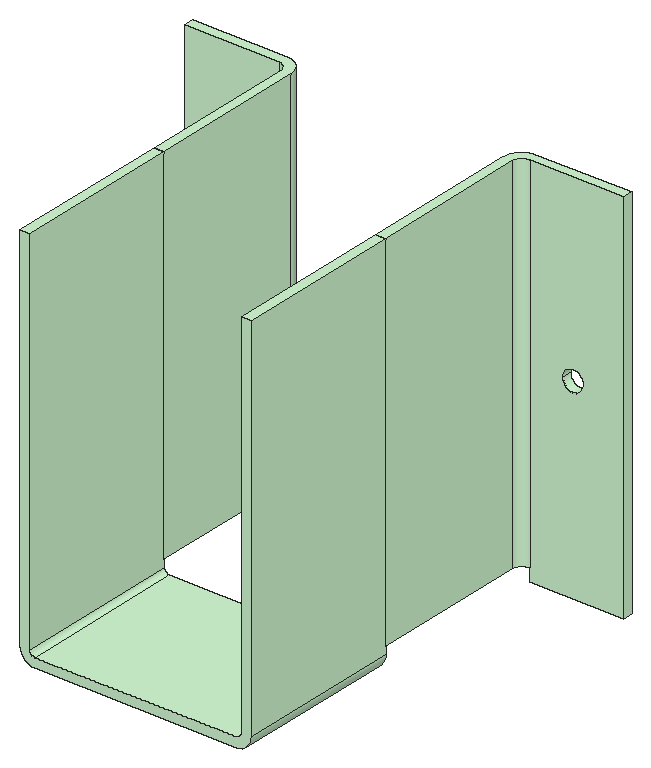
Revit family "端部スウェイガイド50_ver_2022", category 一般モデル, Revit 2022
Family settings
  鉄筋をホスト可能 = いいえ
  丸型コネクタ寸法 = 直径を使用
  パーツ タイプ = 標準
  作業面ベース = いいえ
  常に垂直 = はい
  ロード時にボイドで切り取り = いいえ
  注釈の向きを維持 = いいえ
  共有 = いいえ
  部屋計算ポイント = いいえ
Parameters
  製造元 = "株式会社桐井製作所"
  既定の高さ = 0 mm
  URL = "https://www.kirii.co.jp/"
  K_板厚(mm) = 2.3 mm
  K_品名 = "端部スウェイガイド50"
  K_名称 = "端部接続金具"
  K_主な使用工法 = "ボルトレス・在来"
Reference planes
  plane 1 "中心(正面/背面)": y = 0
  plane 2: z = 0
  plane 3 "中心(左/右)": x = 0
Forms (mm)
  Extrusion 1, solid
    sketch origin (0, 0, 0) x (1, 0, 0) y (0, 0, 1)
      loop
        line (25.25, 92.3) -> (25.25, 3.5)
        arc (25.25, 3.5) -> (24.899, 2.651) -> (24.05, 2.3) r 1.2
        line (24.05, 2.3) -> (-24.05, 2.3)
        arc (-24.05, 2.3) -> (-24.899, 2.651) -> (-25.25, 3.5) r 1.2
        line (-25.25, 3.5) -> (-25.25, 92.3) -> (-27.55, 92.3) -> (-27.55, 3.5)
        arc (-27.55, 3.5) -> (-26.525, 1.025) -> (-24.05, 0) r 3.5
        line (-24.05, 0) -> (24.05, 0)
        arc (24.05, 0) -> (26.525, 1.025) -> (27.55, 3.5) r 3.5
        line (27.55, 3.5) -> (27.55, 92.3) -> (25.25, 92.3)
    from 0 to 40
  Extrusion 2, solid
    sketch origin (0, 0, 0) x (1, 0, 0) y (0, 1, 0)
      loop
        arc (29.85, 42.3) -> (26.597, 40.953) -> (25.25, 37.7) r 4.6
        line (25.25, 37.7) -> (25.25, 0) -> (27.55, 0) -> (27.55, 37.7)
        arc (27.55, 37.7) -> (28.224, 39.326) -> (29.85, 40) r 2.3
        line (29.85, 40) -> (52.25, 40) -> (52.25, 42.3) -> (29.85, 42.3)
      loop
        line (-52.25, 40) -> (-29.85, 40)
        arc (-29.85, 40) -> (-28.224, 39.326) -> (-27.55, 37.7) r 2.3
        line (-27.55, 37.7) -> (-27.55, 0) -> (-25.25, 0) -> (-25.25, 37.7)
        arc (-25.25, 37.7) -> (-26.597, 40.953) -> (-29.85, 42.3) r 4.6
        line (-29.85, 42.3) -> (-52.25, 42.3) -> (-52.25, 40)
    from 2.3 to 92.3
  Extrusion 3, void
    sketch origin (0, 0, 0) x (1, 0, 0) y (0, 1, 0)
      loop
        line (29.85, 0) -> (29.85, 46.734) -> (-29.85, 46.734) -> (-29.85, 0) -> (29.85, 0)
    from 0 to 5.3
  Extrusion 4, void
    sketch origin (52.25, 40, 0) x (1, 0, 0) y (0, 0, -1)
      loop
        circle (-92.5, -48.8) r 2.5
      loop
        circle (-12, -48.8) r 2.5
    from 0 to 2.3
Cuts and joins
  Extrusion 3 cuts Extrusion 1
  Extrusion 3, Extrusion 4 cuts Extrusion 2
Dimensions and locks
  aligned and locked: level to plane 2
